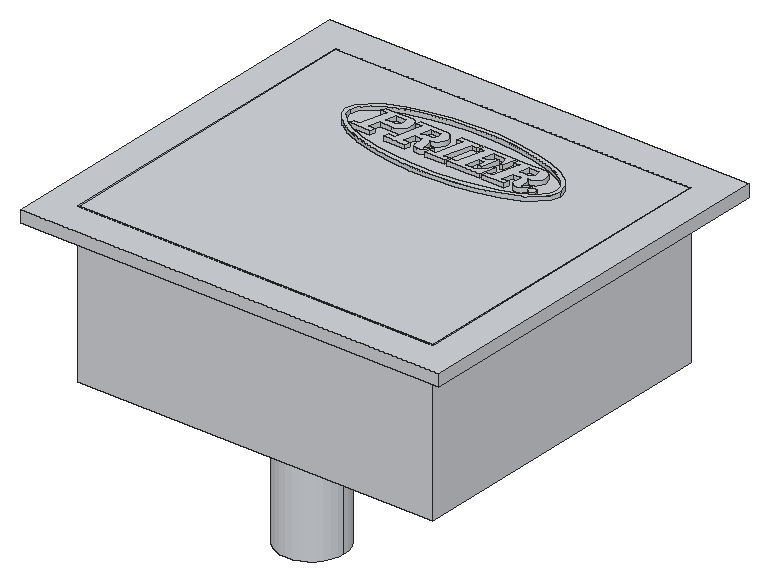
Revit family "Prier C-634BX", category Plumbing Fixtures, host Face, Revit 2012
Parameters (values of type "1" Inlet")
  Waste Connection = no
  Vent Connection = no
  URL = "www.Prier.com"
  Type Comments = if(Satin Nickel Plated, "Satin Nickel Plated", if(Rough Brass, "Rough Brass", "Custom"))  # "Satin Nickel Plated"
  Satin Nickel Plated = yes
  Rough Brass = no
  Model = "C-634BX"
  Manufacturer = "Prier"
  Inlet Radius = Inlet Size / 2  # 0' - 0 1/2"
  Inlet Size = 1"
  Hydrant Length [instance] = 0' - 2"
  HW Connection = no
  Default Elevation = 4' - 0"
  Custom = no
  Code Standards = "ASSE 1019, ASSE 1052, & CUPC"
  Code Listings = "ASSE. CUPC, & IAPMO"
  CW Connection = yes
Types (3): name | Inlet Radius | Inlet Size | Hydrant Length
  (no name) | 0' - 0 1/2" | 1" | 0' - 2"
  3/4" Inlet | 0' - 0 3/8" | 3/4" | 2' - 0"
  1" Inlet | 0' - 0 1/2" | 1" | 0' - 2"
Reference planes (in)
  plane 1 "Center (Front/Back)": y = 0
  plane 2: z = 0
  plane 3 "Center (Left/Right)": x = 0
  plane 4 "Box Depth": z = -2.25
  plane 5 "Hydrant Length": z = -4.25
  plane 6 "End of Threads": z = -5
Forms (in)
  Extrusion 1, solid
    sketch origin (0, 0, 0) x (1, 0, 0) y (0, 1, 0)
      loop
        line (-3.25, 3) -> (-3.25, -3) -> (3.25, -3) -> (3.25, 3) -> (-3.25, 3)
      loop
        line (-2.75, 2.5) -> (-2.75, -2.5) -> (2.75, -2.5) -> (2.75, 2.5) -> (-2.75, 2.5)
    from 0 to 0.187
  Extrusion 2, solid
    sketch origin (0, 0, 0) x (1, 0, 0) y (0, 1, 0)
      loop
        line (-2.75, 2.5) -> (-2.75, -2.5) -> (2.75, -2.5) -> (2.75, 2.5) -> (-2.75, 2.5)
    from -2.25 to 0.187
  Extrusion 3, solid
    sketch origin (0, 0, -2.25) x (-1, 0, 0) y (0, -1, 0)
      loop
        circle (1.125, 0) r 0.5
    from 0 to -2.75
  Extrusion 4, solid
    sketch origin (-35.54139, -180, 0.187) x (-1, 0, 0) y (0, -1, 0)
      loop
        spline (-33.87481, -181.33852) -> (-33.9316, -181.17215) -> (-34.09809, -181.01711) -> (-34.36294, -180.88398) -> (-34.7081, -180.78182) -> (-35.11005, -180.7176) -> (-35.54139, -180.6957) -> (-35.97274, -180.7176) -> (-36.37469, -180.78182) -> (-36.71985, -180.88398) -> (-36.9847, -181.01711) -> (-37.15119, -181.17215) -> (-37.20798, -181.33852)
        spline (-37.20798, -181.33852) -> (-37.15119, -181.5049) -> (-36.9847, -181.65994) -> (-36.71985, -181.79307) -> (-36.37469, -181.89523) -> (-35.97274, -181.95945) -> (-35.54139, -181.98135) -> (-35.11005, -181.95945) -> (-34.7081, -181.89523) -> (-34.36294, -181.79307) -> (-34.09809, -181.65994) -> (-33.9316, -181.5049) -> (-33.87481, -181.33852)
      loop
        spline (-33.93155, -181.33852) -> (-33.98641, -181.18875) -> (-34.14723, -181.04919) -> (-34.40307, -180.92934) -> (-34.73647, -180.83738) -> (-35.12474, -180.77957) -> (-35.54139, -180.75986) -> (-35.95805, -180.77957) -> (-36.34631, -180.83738) -> (-36.67972, -180.92934) -> (-36.93555, -181.04919) -> (-37.09638, -181.18875) -> (-37.15123, -181.33852)
        spline (-37.15123, -181.33852) -> (-37.09638, -181.48829) -> (-36.93555, -181.62786) -> (-36.67972, -181.7477) -> (-36.34631, -181.83967) -> (-35.95805, -181.89748) -> (-35.54139, -181.91719) -> (-35.12474, -181.89748) -> (-34.73647, -181.83967) -> (-34.40307, -181.7477) -> (-34.14723, -181.62786) -> (-33.98641, -181.48829) -> (-33.93155, -181.33852)
      loop
        circle (-36.91697, -181.1465) r 0.05628
      loop
        line (-36.18825, -181.08476) -> (-36.52242, -181.08476) -> (-36.54066, -181.1579) -> (-36.43946, -181.1579) -> (-36.4792, -181.31727) -> (-36.5866, -181.31727)
        spline (-36.5866, -181.31727) -> (-36.61186, -181.29955) -> (-36.61561, -181.26809) -> (-36.61179, -181.22622) -> (-36.60969, -181.18327) -> (-36.61654, -181.14782) -> (-36.63272, -181.12153) -> (-36.65656, -181.10402) -> (-36.6862, -181.09521) -> (-36.71924, -181.0959) -> (-36.75382, -181.10805) -> (-36.79471, -181.14377) -> (-36.85068, -181.22115)
        line (-36.85068, -181.22115) -> (-36.8071, -181.22115)
        spline (-36.8071, -181.22115) -> (-36.80038, -181.21104) -> (-36.79353, -181.20124) -> (-36.78668, -181.19202) -> (-36.77999, -181.18361) -> (-36.77357, -181.17626) -> (-36.76757, -181.17022) -> (-36.76212, -181.16574) -> (-36.75736, -181.16306) -> (-36.75342, -181.16243) -> (-36.75044, -181.1641) -> (-36.74856, -181.16832) -> (-36.7479, -181.17533)
        spline (-36.7479, -181.17533) -> (-36.7487, -181.19284) -> (-36.7486, -181.20964) -> (-36.74761, -181.22574) -> (-36.74573, -181.24112) -> (-36.74294, -181.25578) -> (-36.73926, -181.26974) -> (-36.73469, -181.28298) -> (-36.72922, -181.29552) -> (-36.72285, -181.30734) -> (-36.71559, -181.31844) -> (-36.70743, -181.32884) -> (-36.69837, -181.33852)
        arc (-36.69837, -181.33852) -> (-36.85806, -181.46622) -> (-36.73975, -181.63298) r 0.14892
        line (-36.73975, -181.63298) -> (-36.32494, -181.63298) -> (-36.3067, -181.55984) -> (-36.40157, -181.55984) -> (-36.30135, -181.1579) -> (-36.20649, -181.1579) -> (-36.18825, -181.08476)
      loop
        line (-35.65096, -181.08476) -> (-36.15739, -181.08476) -> (-36.21536, -181.31727) -> (-36.17154, -181.31727)
        spline (-36.17154, -181.31727) -> (-36.16985, -181.29822) -> (-36.16651, -181.28022) -> (-36.16152, -181.26327) -> (-36.15488, -181.24736) -> (-36.1466, -181.23251) -> (-36.13667, -181.2187) -> (-36.12509, -181.20595) -> (-36.11187, -181.19424) -> (-36.09699, -181.18358) -> (-36.08047, -181.17397) -> (-36.0623, -181.16541) -> (-36.04248, -181.1579)
        line (-36.04248, -181.1579) -> (-35.88542, -181.1579) -> (-35.93263, -181.34726) -> (-36.00217, -181.34726)
        arc (-36.00217, -181.34726) -> (-36.01981, -181.29074) -> (-36.00217, -181.23421) r 0.09936
        line (-36.00217, -181.23421) -> (-36.06271, -181.23421) -> (-36.12731, -181.49334) -> (-36.08105, -181.49334)
        arc (-36.08105, -181.49334) -> (-36.06181, -181.44383) -> (-36.02187, -181.40882) r 0.11161
        line (-36.02187, -181.40882) -> (-35.94798, -181.40882) -> (-35.98563, -181.55984) -> (-36.15961, -181.55984)
        arc (-36.15961, -181.55984) -> (-36.20391, -181.49776) -> (-36.19814, -181.4217) r 0.11192
        line (-36.19814, -181.4217) -> (-36.2414, -181.4217) -> (-36.29408, -181.63298) -> (-35.78765, -181.63298) -> (-35.76941, -181.55984) -> (-35.84113, -181.55984) -> (-35.74091, -181.1579) -> (-35.6692, -181.1579) -> (-35.65096, -181.08476)
      loop
        line (-35.43698, -181.63298) -> (-35.41874, -181.55984) -> (-35.51052, -181.55984) -> (-35.41031, -181.1579) -> (-35.31853, -181.1579) -> (-35.30029, -181.08476) -> (-35.60872, -181.08476) -> (-35.62696, -181.1579) -> (-35.54498, -181.1579) -> (-35.6452, -181.55984) -> (-35.72717, -181.55984) -> (-35.74541, -181.63298) -> (-35.43698, -181.63298)
      loop
        line (-36.69516, -181.55984) -> (-36.53968, -181.55984) -> (-36.5042, -181.41756) -> (-36.65165, -181.41756)
        arc (-36.65165, -181.41756) -> (-36.71439, -181.47617) -> (-36.69516, -181.55984) r 0.08599
      loop
        line (-34.66338, -181.08476) -> (-34.99755, -181.08476) -> (-35.01579, -181.1579) -> (-34.91459, -181.1579) -> (-34.95433, -181.31727) -> (-35.06173, -181.31727)
        spline (-35.06173, -181.31727) -> (-35.08699, -181.29955) -> (-35.09074, -181.26809) -> (-35.08692, -181.22622) -> (-35.08482, -181.18327) -> (-35.09167, -181.14782) -> (-35.10785, -181.12153) -> (-35.13169, -181.10402) -> (-35.16133, -181.09521) -> (-35.19437, -181.0959) -> (-35.22895, -181.10805) -> (-35.26984, -181.14377) -> (-35.32581, -181.22115)
        line (-35.32581, -181.22115) -> (-35.28223, -181.22115)
        spline (-35.28223, -181.22115) -> (-35.27551, -181.21104) -> (-35.26866, -181.20124) -> (-35.26181, -181.19202) -> (-35.25512, -181.18361) -> (-35.2487, -181.17626) -> (-35.2427, -181.17022) -> (-35.23725, -181.16574) -> (-35.23249, -181.16306) -> (-35.22855, -181.16243) -> (-35.22557, -181.1641) -> (-35.22369, -181.16832) -> (-35.22303, -181.17533)
        spline (-35.22303, -181.17533) -> (-35.22383, -181.19284) -> (-35.22373, -181.20964) -> (-35.22274, -181.22574) -> (-35.22086, -181.24112) -> (-35.21807, -181.25578) -> (-35.21439, -181.26974) -> (-35.20982, -181.28298) -> (-35.20435, -181.29552) -> (-35.19798, -181.30734) -> (-35.19072, -181.31844) -> (-35.18256, -181.32884) -> (-35.1735, -181.33852)
        arc (-35.1735, -181.33852) -> (-35.33319, -181.46622) -> (-35.21488, -181.63298) r 0.14892
        line (-35.21488, -181.63298) -> (-34.80007, -181.63298) -> (-34.78183, -181.55984) -> (-34.8767, -181.55984) -> (-34.77648, -181.1579) -> (-34.68161, -181.1579) -> (-34.66338, -181.08476)
      loop
        line (-35.17029, -181.55984) -> (-35.01481, -181.55984) -> (-34.97933, -181.41756) -> (-35.12678, -181.41756)
        arc (-35.12678, -181.41756) -> (-35.18952, -181.47617) -> (-35.17029, -181.55984) r 0.08599
      loop
        line (-34.1212, -181.08476) -> (-34.45537, -181.08476) -> (-34.47361, -181.1579) -> (-34.37241, -181.1579) -> (-34.41215, -181.31727) -> (-34.59399, -181.31727)
        arc (-34.59399, -181.31727) -> (-34.78086, -181.43835) -> (-34.6727, -181.63298) r 0.16306
        line (-34.6727, -181.63298) -> (-34.25788, -181.63298) -> (-34.23965, -181.55984) -> (-34.33452, -181.55984) -> (-34.2343, -181.1579) -> (-34.13943, -181.1579) -> (-34.1212, -181.08476)
      loop
        line (-34.6281, -181.55984) -> (-34.47263, -181.55984) -> (-34.43715, -181.41756) -> (-34.5846, -181.41756)
        arc (-34.5846, -181.41756) -> (-34.64734, -181.47617) -> (-34.6281, -181.55984) r 0.08599
    from 0 to 0.0625
Lines and regions (in)
  symbolic lines, style "PlumbingFixtures", detail levels fine
    curve 1: line (-3.25, 0, 0.187) -> (3.25, 0, 0.187)
    curve 2: line (3.25, 0, 0.187) -> (3.25, 0, 0)
    curve 3: line (3.25, 0, 0) -> (2.75, 0, 0)
    curve 4: line (2.75, 0, 0) -> (2.75, 0, -2.25)
    curve 5: line (-1.5, 0, -2.25) -> (-2.75, 0, -2.25)
    curve 6: line (-2.75, 0, -2.25) -> (-2.75, 0, 0)
    curve 7: line (-2.75, 0, 0) -> (-3.25, 0, 0)
    curve 8: line (-3.25, 0, 0) -> (-3.25, 0, 0.187)
    curve 9: line (-1.5, 0, -2.25) -> (-1.5, 0, -5)
    curve 10: line (-1.5, 0, -5) -> (-0.75, 0, -5)
    curve 11: line (-0.75, 0, -5) -> (-0.75, 0, -2.25)
    curve 12: line (-1.5, 0, -2.25) -> (2.75, 0, -2.25)
  symbolic lines, detail levels coarse+medium
    curve 13: line (-1.125, 0, 9.30462) -> (-1.125, 0, 0)
    curve 14: line (-3.375, 0, 6.6875) -> (1.125, 0, 6.6875)
    curve 17: line (-1.125, 0, -5) -> (-1.125, 0, 0)
  symbolic lines, not visible, detail levels coarse+medium
    curve 15: line (4.86712, 4.65231, 0) -> (-4.4375, 4.65231, 0)
    curve 16: line (2.25, 6.90231, 0) -> (2.25, 2.40231, 0)
Dimensions and locks (in)
  locked: plane 4 "Box Depth" to plane 2 at 2.25
  locked: plane 5 "Hydrant Length" to plane 6 "End of Threads" at 0.75
  "Hydrant Length": plane 4 "Box Depth" to plane 5 "Hydrant Length"
  "Inlet Radius": radius of Extrusion 3 sketch curve
  aligned and locked: plane 2 to host face
  aligned and locked: level to host face
  aligned and locked: Extrusion 1 to level
  aligned and locked: Extrusion 2 to plane 4 "Box Depth"
  aligned and locked: plane 1 "Center (Front/Back)" to Extrusion 3 sketch curve
  aligned and locked: Extrusion 3 to plane 4 "Box Depth"
  aligned and locked: Extrusion 3 to plane 6 "End of Threads"
  aligned and locked: curve 10 to plane 6 "End of Threads"
  aligned and locked: plane 6 "End of Threads" to curve 17
Automatic sketch dimensions
  host sketch curve to host sketch curve = 8' - 0"  (x2)
  Extrusion 4 sketch curve to plane 3 "Center (Left/Right)" = 0' - 0"  (x2)
  plane 3 "Center (Left/Right)" to Extrusion 4 sketch curve = 0' - 0.00359"
  plane 3 "Center (Left/Right)" to Extrusion 4 sketch curve = 0' - 0.06733"
  Extrusion 4 sketch curve to Extrusion 4 sketch curve = 0' - 0.01824"  (x12)
  plane 3 "Center (Left/Right)" to Extrusion 4 sketch curve = 0' - 0.1038"
  Extrusion 4 sketch curve to Extrusion 4 sketch curve = 0' - 0.04224"  (x4)
  Extrusion 4 sketch curve to Extrusion 4 sketch curve = 0' - 0.08198"
  Extrusion 4 sketch curve to Extrusion 4 sketch curve = 0' - 0.07172"  (x2)
  Extrusion 4 sketch curve to Extrusion 4 sketch curve = 0' - 0.14451"
  Extrusion 4 sketch curve to Extrusion 4 sketch curve = 0' - 0.03503"
  Extrusion 4 sketch curve to Extrusion 4 sketch curve = 0' - 0.01218"
  Extrusion 4 sketch curve to Extrusion 4 sketch curve = 0' - 0.01535"
  Extrusion 4 sketch curve to Extrusion 4 sketch curve = 0' - 0.02241"
  Extrusion 4 sketch curve to Extrusion 4 sketch curve = 0' - 0.01525"
  Extrusion 4 sketch curve to Extrusion 4 sketch curve = 0' - 0.06954"
  Extrusion 4 sketch curve to Extrusion 4 sketch curve = 0' - 0.08172"
  Extrusion 4 sketch curve to Extrusion 4 sketch curve = 0' - 0.01971"
  Extrusion 4 sketch curve to Extrusion 4 sketch curve = 0' - 0.04032"
  Extrusion 4 sketch curve to Extrusion 4 sketch curve = 0' - 0.06054"
  Extrusion 4 sketch curve to Extrusion 4 sketch curve = 0' - 0.05918"
  Extrusion 4 sketch curve to Extrusion 4 sketch curve = 0' - 0.01505"
  Extrusion 4 sketch curve to Extrusion 4 sketch curve = 0' - 0.03121"
  Extrusion 4 sketch curve to Extrusion 4 sketch curve = 0' - 0.1149"
  Extrusion 4 sketch curve to Extrusion 4 sketch curve = 0' - 0.03229"
  Extrusion 4 sketch curve to Extrusion 4 sketch curve = 0' - 0.10883"
  Extrusion 4 sketch curve to Extrusion 4 sketch curve = 0' - 0.03086"  (x2)
  Extrusion 4 sketch curve to Extrusion 4 sketch curve = 0' - 0.07083"
  Extrusion 4 sketch curve to Extrusion 4 sketch curve = 0' - 0.04382"
  Extrusion 4 sketch curve to Extrusion 4 sketch curve = 0' - 0.04326"
  Extrusion 4 sketch curve to Extrusion 4 sketch curve = 0' - 0.13447"
  Extrusion 4 sketch curve to Extrusion 4 sketch curve = 0' - 0.09487"  (x4)
  Extrusion 4 sketch curve to Extrusion 4 sketch curve = 0' - 0.01263"
  Extrusion 4 sketch curve to Extrusion 4 sketch curve = 0' - 0.13811"  (x6)
  Extrusion 4 sketch curve to Extrusion 4 sketch curve = 0' - 0.03974"
  Extrusion 4 sketch curve to Extrusion 4 sketch curve = 0' - 0.02501"  (x3)
  Extrusion 4 sketch curve to Extrusion 4 sketch curve = 0' - 0.08296"
  Extrusion 4 sketch curve to Extrusion 4 sketch curve = 0' - 0.1074"
  Extrusion 4 sketch curve to Extrusion 4 sketch curve = 0' - 0.09247"  (x3)
  Extrusion 4 sketch curve to Extrusion 4 sketch curve = 0' - 0.0195"
  Extrusion 4 sketch curve to Extrusion 4 sketch curve = 0' - 0.063"
  Extrusion 4 sketch curve to Extrusion 4 sketch curve = 0' - 0.04672"
  Extrusion 4 sketch curve to Extrusion 4 sketch curve = 0' - 0.01543"  (x2)
  Extrusion 4 sketch curve to Extrusion 4 sketch curve = 0' - 0.0446"  (x2)
  Extrusion 4 sketch curve to Extrusion 4 sketch curve = 0' - 0.04953"
  Extrusion 4 sketch curve to Extrusion 4 sketch curve = 0' - 0.05921"  (x2)
  Extrusion 4 sketch curve to Extrusion 4 sketch curve = 0' - 0.04357"  (x2)
  Extrusion 4 sketch curve to Extrusion 4 sketch curve = 0' - 0.0663"
  Extrusion 4 sketch curve to plane 3 "Center (Left/Right)" = 0' - 0.03087"
  Extrusion 4 sketch curve to Extrusion 4 sketch curve = 0' - 0.07354"
  Extrusion 4 sketch curve to plane 3 "Center (Left/Right)" = 0' - 0.13109"
  Extrusion 4 sketch curve to Extrusion 4 sketch curve = 0' - 0.0845"
  Extrusion 4 sketch curve to Extrusion 4 sketch curve = 0' - 0.00728"
  Extrusion 4 sketch curve to Extrusion 4 sketch curve = 0' - 0.20386"
  Extrusion 4 sketch curve to Extrusion 4 sketch curve = 0' - 0.02917"
  Extrusion 4 sketch curve to Extrusion 4 sketch curve = 0' - 0.01222"
  Extrusion 4 sketch curve to Extrusion 4 sketch curve = 0' - 0.05893"
  Extrusion 4 sketch curve to Extrusion 4 sketch curve = 0' - 0.07843"
  Extrusion 4 sketch curve to Extrusion 4 sketch curve = 0' - 0.11177"
  Extrusion 4 sketch curve to Extrusion 4 sketch curve = 0' - 0.04594"
  Extrusion 4 sketch curve to Extrusion 4 sketch curve = 0' - 0.08239"
  Extrusion 4 sketch curve to Extrusion 4 sketch curve = 0' - 0.10119"  (x2)
  Extrusion 4 sketch curve to Extrusion 4 sketch curve = 0' - 0.07663"  (x2)
  Extrusion 4 sketch curve to Extrusion 4 sketch curve = 0' - 0.12736"
  Extrusion 4 sketch curve to Extrusion 4 sketch curve = 0' - 0.00546"
  Extrusion 4 sketch curve to Extrusion 4 sketch curve = 0' - 0.02865"
  Extrusion 4 sketch curve to Extrusion 4 sketch curve = 0' - 0.03804"
  Extrusion 4 sketch curve to Extrusion 4 sketch curve = 0' - 0.05754"
  Extrusion 4 sketch curve to Extrusion 4 sketch curve = 0' - 0.20788"
  Extrusion 4 sketch curve to Extrusion 4 sketch curve = 0' - 0.05675"
  Extrusion 4 sketch curve to Extrusion 4 sketch curve = 0' - 0"  (x7)
  Extrusion 4 sketch curve to Extrusion 4 sketch curve = 0' - 0.07314"  (x15)
  Extrusion 4 sketch curve to Extrusion 4 sketch curve = 0' - 0.05199"
  Extrusion 4 sketch curve to Extrusion 4 sketch curve = 0' - 0.05853"  (x3)
  Extrusion 4 sketch curve to Extrusion 4 sketch curve = 0' - 0.0665"
  Extrusion 4 sketch curve to Extrusion 4 sketch curve = 0' - 0.0729"  (x2)
  Extrusion 4 sketch curve to Extrusion 4 sketch curve = 0' - 0.02352"
  Extrusion 4 sketch curve to Extrusion 4 sketch curve = 0' - 0.02565"
  Extrusion 4 sketch curve to Extrusion 4 sketch curve = 0' - 0.06156"
  Extrusion 4 sketch curve to Extrusion 4 sketch curve = 0' - 0.22132"
  Extrusion 4 sketch curve to Extrusion 4 sketch curve = 0' - 0.10029"
  Extrusion 4 sketch curve to Extrusion 4 sketch curve = 0' - 0.02125"
  Extrusion 4 sketch curve to Extrusion 4 sketch curve = 0' - 0.10444"
  Extrusion 4 sketch curve to Extrusion 4 sketch curve = 0' - 0.05653"
  Extrusion 4 sketch curve to Extrusion 4 sketch curve = 0' - 0.11737"  (x2)
  Extrusion 4 sketch curve to Extrusion 4 sketch curve = 0' - 0.04583"  (x2)
  Extrusion 4 sketch curve to Extrusion 4 sketch curve = 0' - 0.06325"
  Extrusion 4 sketch curve to Extrusion 4 sketch curve = 0' - 0.15937"  (x5)
  Extrusion 4 sketch curve to Extrusion 4 sketch curve = 0' - 0.18062"
  Extrusion 4 sketch curve to Extrusion 4 sketch curve = 0' - 0.13284"
  Extrusion 4 sketch curve to Extrusion 4 sketch curve = 0' - 0.07465"
  Extrusion 1 sketch curve to plane 1 "Center (Front/Back)" = 0' - 2 1/2"
  Extrusion 1 sketch curve to Extrusion 1 sketch curve = 0' - 0 1/2"  (x4)
  Extrusion 2 sketch curve to plane 1 "Center (Front/Back)" = 0' - 2 1/2"
  Extrusion 4 sketch curve to plane 1 "Center (Front/Back)" = 0' - 1.63298"
  plane 1 "Center (Front/Back)" to Extrusion 1 sketch curve = 0' - 2 1/2"
  plane 1 "Center (Front/Back)" to Extrusion 2 sketch curve = 0' - 2 1/2"
  Extrusion 1 sketch curve to plane 3 "Center (Left/Right)" = 0' - 2 3/4"
  Extrusion 2 sketch curve to plane 3 "Center (Left/Right)" = 0' - 2 3/4"
  Extrusion 3 sketch curve to plane 3 "Center (Left/Right)" = 0' - 1 1/8"
  Extrusion 4 sketch curve to Extrusion 4 sketch curve = 0' - 0.12038"
  Extrusion 4 sketch curve to Extrusion 4 sketch curve = 0' - 0.03548"
  plane 3 "Center (Left/Right)" to Extrusion 1 sketch curve = 0' - 2 3/4"
  plane 3 "Center (Left/Right)" to Extrusion 2 sketch curve = 0' - 2 3/4"
  curve 14 to curve 13 = 0' - 2 1/4"
  curve 13 to curve 14 = 0' - 2 1/4"
  curve 14 to curve 13 = 0' - 2.61712"
  curve 13 to curve 14 = 0' - 6 11/16"
  curve 15 to curve 16 = 0' - 6 11/16"
  curve 16 to curve 15 = 0' - 2.61712"
  curve 16 to curve 15 = 0' - 2 1/4"  (x2)
  curve 8 to level = 0' - 0"
  curve 17 to level = 0' - 0"
  curve 11 to plane 4 "Box Depth" = 0' - 0"
  curve 3 to level = 0' - 0"
  level to curve 1 = 0' - 0.187"
  curve 1 to plane 3 "Center (Left/Right)" = 0' - 3 1/4"
  curve 7 to curve 5 = 0' - 0 1/2"
  curve 5 to curve 9 = 0' - 1 1/4"
  curve 17 to plane 3 "Center (Left/Right)" = 0' - 1 1/8"
  curve 17 to curve 11 = 0' - 0 3/8"
  plane 3 "Center (Left/Right)" to curve 4 = 0' - 2 3/4"
  curve 3 to curve 2 = 0' - 0 1/2"
  radius of Extrusion 4 sketch curve = 0' - 0.05628"
Connectors (in)
  piping at (-1.125, 0, -5), driven by "Inlet Radius"
    settings: on Extrusion 3, index 1, connector radius 1/2", flow factor 0, pipe flow 0 GPM, pressure drop 0.00 psi, fitting loss kfactor 0, connector angle 0.00°, fixture units 0, engagement length 0' - 0", flow configuration 0, flow direction 1, fitting loss method 0, system type 20, joint type 0, gender type 0, connector reference index -1, connector utility 0, adjustable connector no, is connector primary yes, fitting loss table "", connector description "Cold Water Inlet"
